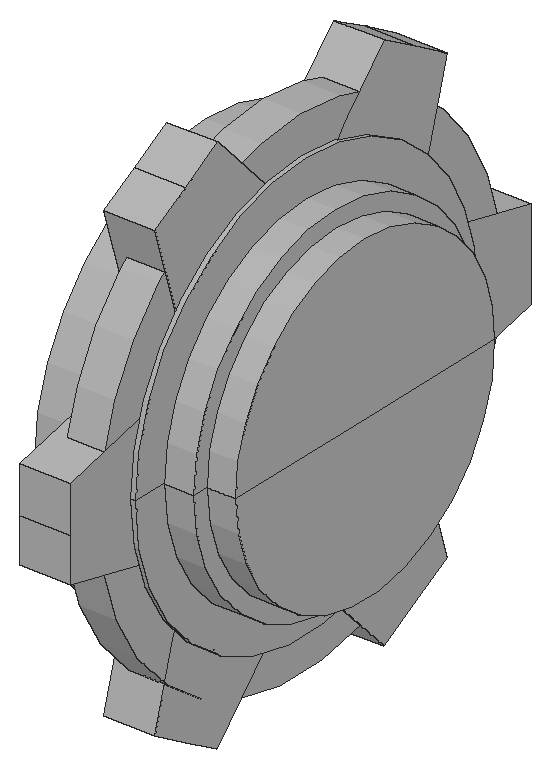
Revit family "7", category Pipe Fittings, Revit 2018
Family settings
  Round Connector Dimension = Use Diameter
  Part Type = Cap
  OmniClass Number = 23.27.43.00
  Work Plane-Based = No
  Always vertical = Yes
  Cut with Voids When Loaded = No
  Shared = No
Parameters (values of type "90610-80-110-168")
  e [instance] = size_lookup(Lookup Table Name, "e", 0.00 mm, Nominal Diameter)  # 50.00 mm
  d [instance] = size_lookup(Lookup Table Name, "d", 0.00 mm, Nominal Diameter)  # 30.00 mm
  c [instance] = size_lookup(Lookup Table Name, "c", 0.00 mm, Nominal Diameter)  # 20.00 mm
  b [instance] = size_lookup(Lookup Table Name, "b", 0.00 mm, Nominal Diameter)  # 3.00 mm
  a2 [instance] = if(Nominal Diameter = 80.00 mm, 22.00 mm, 35.00 mm)  # 35.00 mm
  a1 [instance] = if(Nominal Diameter = 80.00 mm, 39.00 mm, 50.00 mm)  # 50.00 mm
  a [instance] = size_lookup(Lookup Table Name, "a", 0.00 mm, Nominal Diameter)  # 26.00 mm
  V9 [instance] = not([V7,8])  # yes
  V7,8 [instance] = if(Nominal Diameter = 168.00 mm, 2 < 1, 1 < 2)  # no
  QR code = "https://www.bimobject.com/aignep/product/plug-90610-80-110-168"
  Product url = "https://www.aignep.com/eng/Pipe-fittings-INFINITY/Air-Pipeline-INFINITY-Series/PLUG2"
  Product name = "Plug - 90610 Ø 80-110-168"
  Product group = "Fittings"
  Product family = "INFINITY"
  Product certification = "https://www.aignep.com/eng/Certificazioni/FREE-OF-SILICON"
  Product SKU = "Plug-90610-80-110-168"
  Product Material = AIGNEP - Aluminium - Grey
  Product Guid = "38cc8dc9-eccc-412d-a0ae-fe4e2c9e96a9"
  OmniClass Description = "Pipe Fittings"
  OmniClass Code = "23-27 43 00"
  Nominal Diameter [instance] = 168 mm
  Material main = "Aluminium"
  Manufacturer name = "Aignep Spa"
  Manufacturer country = "Italy"
  L [instance] = size_lookup(Lookup Table Name, "L", 0.00 mm, Nominal Diameter)  # 85.00 mm
  IFC Classification = "Pipe Fitting"
  Design country = "Italy"
  Description = "Plug"
  URL = "https://www.aignep.com/"
  Tick Size [instance] = Nominal Diameter * 0.4  # 67.20 mm
  Product data url = "https://www.bimobject.com/aignep/product/plug-90610-80-110-168"
  Model = "90610-80-110-168"
  Manufacturer = "Aignep Spa"
  Lookup Table Name = "Plug - 90610 Ø 80-110-168"
  Keynote = "15410"
  Edition number = 1
  D [instance] = size_lookup(Lookup Table Name, "D", 0.00 mm, Nominal Diameter)  # 168.00 mm
  E [instance] = size_lookup(Lookup Table Name, "E", 0.00 mm, Nominal Diameter)  # 306.00 mm
  Connector Position [instance] = if(or(Nominal Diameter = 80.00 mm, Nominal Diameter = 110.00 mm), 8.00 mm, 82.00 mm)  # 82.00 mm
  BIMobject category = "Joints"
  Assembly Code = "D2040100"
  Article Code [instance] = size_lookup(Lookup Table Name, "", "", Nominal Diameter)  # "90610 00 009"
Reference planes
  plane 1 "Center (Front/Back)": y = 0
  plane 2: z = 0
  plane 3 "1": x = -7
  plane 4: y = 153
  plane 5: y = -153
  plane 6: x = 78
  plane 7: y = 84
  plane 8: y = -84
  plane 9: x = 19
  plane 10: x = 75
  plane 11: x = 55
  plane 12: x = 24.207
  plane 13: x = 109.207
  plane 14: z = 153
  plane 15: z = -153
  plane 16: x = 75
  plane 17: x = 67
Forms (mm)
  Revolve 1, solid, material "AIGNEP - Aluminium - Grey" <- "Product Material", visible <- "V7,8", detail levels fine
    sketch origin (0, 0, 0) x (1, 0, 0) y (0, 1, 0)
      loop
        line (-7, 106) -> (-7, 0) -> (24.207, 0) -> (24.207, 114) -> (19, 114) -> (19, 106) -> (-7, 106)
      axis (24.207, 0) -> (-7, 0)
    angle from 0 to 360
  Revolve 2, solid, material "AIGNEP - Aluminium - Grey" <- "Product Material", detail levels fine
    sketch origin (0, 0, 0) x (1, 0, 0) y (0, 1, 0)
      loop
        line (24.207, 114) -> (24.207, 0) -> (78, 0) -> (78, 114) -> (75, 114) -> (75, 134) -> (55, 134) -> (55, 114) -> (24.207, 114)
      axis (78, 0) -> (24.207, 0)
    angle from 0 to 360
  Revolve 3, solid, material "AIGNEP - Aluminium - Grey" <- "Product Material", visible <- "V9", detail levels fine
    sketch origin (0, 0, 0) x (1, 0, 0) y (0, 1, 0)
      loop
        line (109.207, 0) -> (109.207, 86.271) -> (93.857, 86.271) -> (93.857, 95) -> (78, 95) -> (78, 0) -> (109.207, 0)
      axis (78, 0) -> (109.207, 0)
    angle from 0 to 360
  Extrusion 4, solid, material "AIGNEP - Aluminium - Grey" <- "Product Material", visible <- "V7,8", detail levels fine
    sketch origin (78, 10.134, 1200) x (0, 1, 0) y (0, 0, 1)
      loop
        line (-9.791, -1047) -> (-27.634, -1047) -> (-35.134, -1088.775)
        arc (-35.134, -1088.775) -> (-10.134, -1086) -> (14.866, -1088.775) r 114
        line (14.866, -1088.775) -> (7.366, -1047) -> (-9.791, -1047)
      loop
        line (-9.791, -1353) -> (7.366, -1353) -> (14.866, -1311.225)
        arc (14.866, -1311.225) -> (-10.134, -1314) -> (-35.134, -1311.225) r 114
        line (-35.134, -1311.225) -> (-27.634, -1353) -> (-9.791, -1353)
      loop
        line (-163.134, -1200.342) -> (-163.134, -1217.5) -> (-121.359, -1225)
        arc (-121.359, -1225) -> (-124.134, -1200) -> (-121.359, -1175) r 114
        line (-121.359, -1175) -> (-163.134, -1182.5) -> (-163.134, -1200.342)
      loop
        line (142.866, -1200.342) -> (142.866, -1182.5) -> (101.091, -1175)
        arc (101.091, -1175) -> (103.866, -1200) -> (101.091, -1225) r 114
        line (101.091, -1225) -> (142.866, -1217.5) -> (142.866, -1200.342)
    from -26.009 to 0
  Extrusion 5, solid, material "AIGNEP - Aluminium - Grey" <- "Product Material", visible <- "V9", detail levels fine
    sketch origin (75, 72.5, 1200) x (0, -1, 0) y (0, 0, 1)
      loop
        line (-3.843, -1067.085) -> (-25.17, -1079.398) -> (-11.384, -1124.84)
        arc (-11.384, -1124.84) -> (15.985, -1102.576) -> (48.898, -1089.871) r 112.63
        line (48.898, -1089.871) -> (16.538, -1055.318) -> (-3.843, -1067.085)
      loop
        line (-80.779, -1199.658) -> (-80.779, -1224.284) -> (-34.532, -1235.065)
        arc (-34.532, -1235.065) -> (-40.13, -1200.232) -> (-34.676, -1165.375) r 112.63
        line (-34.676, -1165.375) -> (-80.779, -1176.123) -> (-80.779, -1199.658)
      loop
        line (-4.436, -1332.572) -> (16.891, -1344.885) -> (49.352, -1310.225)
        arc (49.352, -1310.225) -> (16.386, -1297.656) -> (-11.074, -1275.504) r 112.63
        line (-11.074, -1275.504) -> (-24.817, -1320.805) -> (-4.436, -1332.572)
      loop
        line (148.843, -1332.915) -> (170.17, -1320.602) -> (156.384, -1275.16)
        arc (156.384, -1275.16) -> (129.015, -1297.424) -> (96.102, -1310.129) r 112.63
        line (96.102, -1310.129) -> (128.462, -1344.682) -> (148.843, -1332.915)
      loop
        line (225.779, -1200.342) -> (225.779, -1175.716) -> (179.532, -1164.935)
        arc (179.532, -1164.935) -> (185.13, -1199.768) -> (179.676, -1234.625) r 112.63
        line (179.676, -1234.625) -> (225.779, -1223.877) -> (225.779, -1200.342)
      loop
        line (149.436, -1067.428) -> (128.109, -1055.115) -> (95.648, -1089.775)
        arc (95.648, -1089.775) -> (128.614, -1102.344) -> (156.074, -1124.496) r 112.63
        line (156.074, -1124.496) -> (169.817, -1079.195) -> (149.436, -1067.428)
    from 0 to 27.152
  Extrusion 6, solid, not visible
    sketch origin (-32.5, 55.314, 1200) x (0, 1, 0) y (0, 0, 1)
      loop
        circle (-55.314, -1200) r 2.228
    from 99.5 to 107.5
Lines and regions (mm)
  reference lines
    curve 1: circle (-7, 0, 0) r 114 normal (1, 0, 0)
  model lines, visible <- "V7,8", detail levels coarse+medium
    curve 2: line (-7, 67.2, 0) -> (-7, -67.2, 0)
    curve 3: line (-7, 67.2, 0) -> (1, 67.2, 0)
    curve 4: line (-7, -67.2, 0) -> (1, -67.2, 0)
  model lines, visible <- "V9", detail levels coarse+medium
    curve 5: line (24.207, 67.2, 0) -> (24.207, -67.2, 0)
    curve 6: line (24.207, 67.2, 0) -> (74.997, 67.2, 0)
    curve 7: line (24.207, -67.2, 0) -> (74.997, -67.2, 0)
Dimensions and locks
  equal spacing: plane 5, plane 1 "Center (Front/Back)", plane 4
  "E": plane 4 to plane 5
  "L": plane 3 "1" to plane 6
  equal spacing: plane 8, plane 1 "Center (Front/Back)", plane 7
  "D": plane 7 to plane 8
  "a": plane 3 "1" to plane 9
  "b": plane 10 to plane 6
  "c": plane 11 to plane 10
  "L": plane 12 to plane 13
  locked: plane 9 to plane 12 at 5.207
  "d": Revolve 2 sketch curve to plane 7
  "d": Revolve 1 sketch curve to plane 7
  "e": Revolve 2 sketch curve to plane 7
  plane 1 "Center (Front/Back)" to Revolve 3 sketch curve to Revolve 3 sketch curve = 86.271 mm locked, 8.729 mm locked
  "d": curve 1 to plane 7
  equal spacing: plane 14, plane 2, plane 15
  "E": plane 14 to plane 15
  equal spacing: Extrusion 4 sketch curve, plane 1 "Center (Front/Back)", Extrusion 4 sketch curve  (x4)
  "a2": Extrusion 4 sketch curve to Extrusion 4 sketch curve  (x4)
  "a1": Extrusion 4 sketch curve to Extrusion 4 sketch curve  (x4)
  equal spacing: Extrusion 4 sketch curve, plane 2, Extrusion 4 sketch curve  (x4)
  locked: Extrusion 4 to plane 11 at 3.009
  Extrusion 5 sketch curve to Extrusion 5 sketch curve to plane 1 "Center (Front/Back)" to Extrusion 5 sketch curve to Extrusion 5 sketch curve = 40.649 mm locked, 112.63 mm locked, 112.63 mm locked, 40.649 mm locked
  locked: plane 11 to Extrusion 5 at 7.152
  "Connector Position": plane 3 "1" to plane 16
  plane 17 to plane 16 = 8.00 mm
  Revolve 1 sketch curve to Revolve 1 sketch curve = 8.00 mm
  equal spacing: curve 2, plane 1 "Center (Front/Back)", curve 2
  "Tick Size": plane 1 "Center (Front/Back)" to curve 2
  locked: curve 2 to curve 3 at 8
  locked: curve 2 to curve 4 at 8
  locked: curve 5 to curve 6 at 50.79
  locked: curve 5 to curve 7 at 50.79
  equal spacing: curve 7, plane 1 "Center (Front/Back)", curve 6
  "Tick Size": plane 1 "Center (Front/Back)" to curve 6
  aligned and locked: level to plane 2
  aligned and locked: Revolve 1 sketch curve to plane 3 "1"
  aligned and locked: plane 12 to Revolve 1 sketch curve
  aligned and locked: plane 12 to Revolve 2 sketch curve
  aligned and locked: Revolve 1 sketch curve to plane 9
  aligned and locked: Revolve 2 sketch curve to Revolve 2 sketch curve
  aligned and locked: plane 13 to Revolve 3 sketch curve
  aligned and locked: Revolve 3 sketch curve to plane 6
  aligned and locked: plane 4 to Extrusion 4 sketch curve
  aligned and locked: plane 5 to Extrusion 4 sketch curve
  aligned and locked: plane 14 to Extrusion 4 sketch curve
  aligned and locked: plane 15 to Extrusion 4 sketch curve
  aligned and locked: Extrusion 4 sketch curve to curve 1  (x4)
  aligned and locked: plane 16 to Extrusion 6
  aligned and locked: Extrusion 6 to plane 17
  aligned and locked: curve 2 to plane 3 "1"
Automatic sketch dimensions
  plane 1 "Center (Front/Back)" to Revolve 3 sketch curve = 0.00 mm  (x2)
  Revolve 3 sketch curve to plane 13 = 0.00 mm
  Revolve 3 sketch curve to Revolve 3 sketch curve = 15.35 mm
  Revolve 3 sketch curve to Revolve 3 sketch curve = 20.00 mm
  Extrusion 5 sketch curve to Extrusion 5 sketch curve = 0.00 mm  (x30)
  Extrusion 5 sketch curve to level = 0.00 mm
  Extrusion 5 sketch curve to plane 1 "Center (Front/Back)" = 0.00 mm
  plane 7 to Extrusion 5 sketch curve = 23.176 mm
  plane 7 to Extrusion 5 sketch curve = 23.032 mm
  plane 7 to Extrusion 5 sketch curve = 13.67 mm
  plane 7 to Extrusion 5 sketch curve = 13.317 mm
  Extrusion 5 sketch curve to plane 7 = 0.116 mm
  Extrusion 5 sketch curve to plane 7 = 0.426 mm
  Extrusion 5 sketch curve to plane 7 = 7.064 mm
  Extrusion 5 sketch curve to plane 7 = 7.657 mm
  Extrusion 5 sketch curve to Extrusion 5 sketch curve = 20.381 mm
  Extrusion 5 sketch curve to Extrusion 5 sketch curve = 21.327 mm
  Extrusion 5 sketch curve to plane 1 "Center (Front/Back)" = 23.602 mm
  Extrusion 5 sketch curve to plane 1 "Center (Front/Back)" = 23.148 mm
  plane 1 "Center (Front/Back)" to Extrusion 5 sketch curve = 23.148 mm
  plane 1 "Center (Front/Back)" to Extrusion 5 sketch curve = 23.602 mm
  plane 8 to Extrusion 5 sketch curve = 28.391 mm
  plane 8 to Extrusion 5 sketch curve = 28.038 mm
  plane 8 to Extrusion 5 sketch curve = 7.657 mm
  plane 8 to Extrusion 5 sketch curve = 7.064 mm
  plane 8 to Extrusion 5 sketch curve = 0.426 mm
  plane 8 to Extrusion 5 sketch curve = 0.116 mm
  Extrusion 5 sketch curve to plane 8 = 13.317 mm
  Extrusion 5 sketch curve to plane 8 = 13.67 mm
  Extrusion 5 sketch curve to plane 8 = 23.032 mm
  Extrusion 5 sketch curve to plane 8 = 23.176 mm
  Extrusion 5 sketch curve to Extrusion 5 sketch curve = 40.535 mm  (x2)
  Extrusion 5 sketch curve to Extrusion 5 sketch curve = 40.439 mm  (x2)
  Extrusion 5 sketch curve to Extrusion 5 sketch curve = 45.442 mm  (x2)
  Extrusion 5 sketch curve to Extrusion 5 sketch curve = 45.301 mm  (x2)
  Extrusion 5 sketch curve to Extrusion 5 sketch curve = 11.767 mm  (x4)
  Extrusion 5 sketch curve to Extrusion 5 sketch curve = 12.313 mm  (x4)
  Extrusion 5 sketch curve to level = 24.284 mm
  Extrusion 5 sketch curve to level = 23.877 mm
  Extrusion 5 sketch curve to level = 0.342 mm
  level to Extrusion 5 sketch curve = 0.342 mm
  Extrusion 5 sketch curve to Extrusion 5 sketch curve = 23.534 mm
  level to Extrusion 5 sketch curve = 24.284 mm
  Extrusion 6 sketch curve to level = 0.00 mm
  Extrusion 6 sketch curve to plane 1 "Center (Front/Back)" = 0.00 mm
  curve 5 to plane 12 = 0.00 mm
  plane 1 "Center (Front/Back)" to Revolve 1 sketch curve = 0.00 mm  (x2)
  Revolve 1 sketch curve to plane 3 "1" = 0.00 mm
  Revolve 1 sketch curve to plane 3 "1" = 15.00 mm
  plane 1 "Center (Front/Back)" to Revolve 2 sketch curve = 0.00 mm  (x2)
  Revolve 2 sketch curve to plane 3 "1" = 0.00 mm
  Revolve 2 sketch curve to plane 11 = 0.00 mm
  Revolve 2 sketch curve to plane 10 = 0.00 mm
  Revolve 2 sketch curve to plane 6 = 0.00 mm
  Revolve 2 sketch curve to Revolve 2 sketch curve = 15.00 mm
  Extrusion 4 sketch curve to plane 1 "Center (Front/Back)" = 0.343 mm  (x2)
  Extrusion 4 sketch curve to level = 0.342 mm  (x2)
  curve 1 to level = 0.00 mm
  curve 1 to plane 1 "Center (Front/Back)" = 0.00 mm
  radius of Extrusion 6 sketch curve = 2.228 mm
Connectors
  piping at (75, 0, 0), diameter 168, driven by "Nominal Diameter"
    settings: on Extrusion 6, index 1, connector inside diameter 609.6 mm, connector length 0.00 mm, flow factor 0, pipe flow 0.0 L/s, pressure drop 0.0 Pa, fitting loss kfactor 0, connector angle 0.00°, fixture units 0, engagement length 0.00 mm, angle of deflection 0.00°, flow configuration 0, flow direction 0, fitting loss method 0, system type 28, joint type 0, gender type 0, connector reference index -1, connector utility 0, adjustable connector no, is connector primary yes, connector description ""
